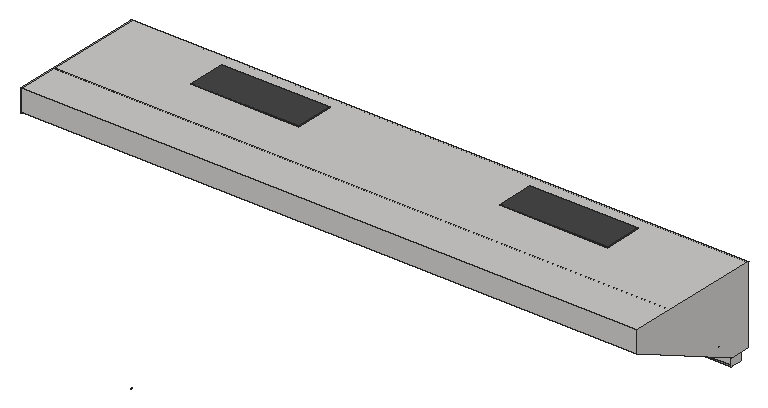
Revit family "QF_ELECTROLUXPROFESSIONAL_642292_MP940BT", category Specialty Equipment, Revit 2014
Reference planes
  plane 1: z = 0
  plane 2 "Center (Left/Right)": x = 150
  plane 3 "LEFT": x = -1850
  plane 4 "RIGHT": x = 2150
  plane 5 "BACK": y = 550
  plane 6 "Plane": z = 2000
  plane 7 "TOP": z = 2140
  plane 8 "Base": z = 1640
  plane 9: z = 1566
  plane 10 "DrainY": y = 485
  plane 11: x = -1847
  plane 12: through (0, 414.509, 1640.8) normal (0, 0.7314, 0.682)
  plane 13: y = 470
  plane 14: y = 220
  plane 15 "DrainX": x = 2030
  plane 16: x = -500
  plane 17: x = 800
  plane 18: x = -1200
  plane 19: x = 1500
  plane 20: x = 2147
  plane 21: x = 1940
  plane 22: x = 2120
  plane 23: x = -1810
  plane 24: x = -1445
  plane 25: x = -1050
  plane 26: x = 2110
  plane 27: x = 1745
  plane 28: x = 1350
  plane 29: x = -47.5
  plane 30: x = 347.5
  plane 31: y = 100
  plane 32: y = -350
Forms (mm)
  Extrusion 1, solid, material "QF_Finishes_Stainless Steel"
    sketch origin (-1850, 0, 0) x (0, 1, 0) y (0, 0, 1)
      loop
        line (550, 1640) -> (550, 2140) -> (-350, 2140) -> (-350, 1999.112) -> (413.973, 1640) -> (550, 1640)
    from 0 to 3
  Extrusion 2, solid, material "QF_Finishes_Stainless Steel"
    sketch origin (150, 0, 0) x (0, 1, 0) y (0, 0, 1)
      loop
        line (415.255, 1640) -> (550, 1640) -> (550, 2139.19) -> (549.2, 2139.19) -> (549.2, 1640.8) -> (415.876, 1640.8) -> (339.347, 1722.867) -> (349.609, 1732.436) -> (348.927, 1733.167) -> (337.934, 1722.917) -> (415.255, 1640)
      loop
        line (-82.203, 2139.19) -> (-82.203, 2118.6) -> (-31.047, 2118.6) -> (34.354, 2048.466) -> (46.028, 2059.352) -> (45.346, 2060.083) -> (34.403, 2049.879) -> (-30.612, 2119.6) -> (-81.203, 2119.6) -> (-81.203, 2139.19) -> (-82.203, 2139.19)
    from -1997 to 1997
  Extrusion 3, solid, material "QF_Finishes_Stainless Steel"
    sketch origin (2150, 0, 0) x (0, 1, 0) y (0, 0, 1)
      loop
        line (550, 1640) -> (550, 2140) -> (-350, 2140) -> (-350, 1999.112) -> (413.973, 1640) -> (550, 1640)
    from 0 to -3
  Extrusion 4, solid, material "QF_Finishes_Stainless Steel"
    sketch origin (150, 0, 0) x (0, 1, 0) y (0, 0, 1)
      loop
        line (-350, 2140) -> (-350, 2000) -> (-349.2, 2000) -> (-349.2, 2139.19) -> (550, 2139.19) -> (550, 2140) -> (-350, 2140)
    from -2000 to 2000
  Extrusion 5, solid, material "QF_Finishes_Stainless Steel"
    sketch origin (150, 0, 0) x (0, 1, 0) y (0, 0, 1)
      loop
        line (534, 1640) -> (436, 1640) -> (436, 1627) -> (443.5, 1627) -> (443.5, 1576)
        arc (443.5, 1576) -> (446.429, 1568.929) -> (453.5, 1566) r 10
        line (453.5, 1566) -> (516.5, 1566)
        arc (516.5, 1566) -> (523.571, 1568.929) -> (526.5, 1576) r 10
        line (526.5, 1576) -> (526.5, 1627) -> (534, 1627) -> (534, 1640)
    from 1790 to 1970
  Extrusion 6, solid, material "QF_Finishes_Stainless Steel"
    sketch origin (0, 0, 1640) x (0, 1, 0) y (-1, 0, 0)
      loop
        circle (485, -2030) r 20
    from -76 to -74
  Extrusion 7, solid, material "QF_Finished_Chrome"
    sketch origin (150, 0, 0) x (0, 1, 0) y (0, 0, 1)
      loop
        line (337.934, 1722.917) -> (341.591, 1726.327) -> (38.011, 2051.876) -> (34.354, 2048.466) -> (337.934, 1722.917)
    from -1595 to -1960
  Extrusion 8, solid, material "QF_Finished_Chrome"
    sketch origin (150, 0, 0) x (0, 1, 0) y (0, 0, 1)
      loop
        line (337.934, 1722.917) -> (341.591, 1726.327) -> (38.011, 2051.876) -> (34.354, 2048.466) -> (337.934, 1722.917)
    from -197.5 to -1200
  Extrusion 9, solid, material "QF_Finishes_Stainless Steel"
    sketch origin (150, 0, 0) x (0, 1, 0) y (0, 0, 1)
      loop
        line (337.934, 1722.917) -> (341.591, 1726.327) -> (38.011, 2051.876) -> (34.354, 2048.466) -> (337.934, 1722.917)
    from 1997 to 1960
  Extrusion 10, solid, material "QF_Finishes_Stainless Steel"
    sketch origin (150, 0, 0) x (0, 1, 0) y (0, 0, 1)
      loop
        line (341.588, 1726.324) -> (38.009, 2051.874) -> (34.354, 2048.466) -> (337.934, 1722.917) -> (341.588, 1726.324)
    from -1595 to -1200
  Extrusion 11, solid, material "QF_Finished_Chrome"
    sketch origin (150, 0, 0) x (0, 1, 0) y (0, 0, 1)
      loop
        line (341.588, 1726.324) -> (38.009, 2051.874) -> (34.354, 2048.466) -> (337.934, 1722.917) -> (341.588, 1726.324)
    from 1595 to 1960
  Extrusion 12, solid, material "QF_Finishes_Black"
    sketch origin (0, 0, 2140) x (0, 1, 0) y (-1, 0, 0)
      loop
        line (470, 1200) -> (220, 1200) -> (220, 500) -> (470, 500) -> (470, 1200)
    from 5 to 0
  Extrusion 13, solid, material "QF_Finishes_Black"
    sketch origin (940, 0, 2140) x (0, 1, 0) y (-1, 0, 0)
      loop
        line (470, 140) -> (220, 140) -> (220, -560) -> (470, -560) -> (470, 140)
    from 5 to 0
  Extrusion 14, solid, material "QF_Finishes_Stainless Steel"
    sketch origin (0, 0, 0) x (1, 0, 0) y (0, 1, 0)
      loop
        line (-1850, 550) -> (-1850, 549) -> (-1849, 549) -> (-1849, 550) -> (-1850, 550)
    from 0 to 1
  Extrusion 15, solid, material "QF_Finishes_Stainless Steel"
    sketch origin (150, 0, 0) x (0, 1, 0) y (0, 0, 1)
      loop
        line (337.934, 1722.917) -> (341.591, 1726.327) -> (38.011, 2051.876) -> (34.354, 2048.466) -> (337.934, 1722.917)
    from -1960 to -1997
  Extrusion 16, solid, material "QF_Finishes_Stainless Steel"
    sketch origin (150, 0, 0) x (0, 1, 0) y (0, 0, -1)
      loop
        line (341.588, -1726.324) -> (337.934, -1722.917) -> (34.354, -2048.466) -> (38.009, -2051.874) -> (341.588, -1726.324)
    from -1595 to -1200
  Extrusion 17, solid, material "QF_Finished_Chrome"
    sketch origin (150, 0, 0) x (0, 1, 0) y (0, 0, 1)
      loop
        line (337.934, 1722.917) -> (341.591, 1726.327) -> (38.011, 2051.876) -> (34.354, 2048.466) -> (337.934, 1722.917)
    from 1200 to 197.5
  Extrusion 18, solid, material "QF_Finishes_Stainless Steel"
    sketch origin (150, 0, 0) x (0, 1, 0) y (0, 0, -1)
      loop
        line (341.588, -1726.324) -> (337.934, -1722.917) -> (34.354, -2048.466) -> (38.009, -2051.874) -> (341.588, -1726.324)
    from -197.5 to 197.5
Cuts and joins
  joined: Extrusion 2, Extrusion 4
Lines and regions (mm)
  reference lines
    curve 1: line (150, 34.354, 2048.466) -> (150, 34.354, 1888.466)
  symbolic lines, style "SpecialityEquipment", detail levels coarse
    curve 2: line (2150, 550, 2140) -> (-1850, 550, 2140)
    curve 3: line (-1850, 550, 2140) -> (-1850, -350, 2140)
    curve 4: line (2150, -350, 2140) -> (2150, 550, 2140)
    curve 5: line (-1850, -350, 2140) -> (2150, -350, 2140)
    curve 6: line (-1200, 220, 2140) -> (-500, 220, 2140)
    curve 7: line (-1200, 470, 2140) -> (-1200, 220, 2140)
    curve 8: line (-500, 470, 2140) -> (-1200, 470, 2140)
    curve 9: line (-500, 220, 2140) -> (-500, 470, 2140)
    curve 10: line (800, 470, 2140) -> (800, 220, 2140)
    curve 11: line (800, 220, 2140) -> (1500, 220, 2140)
    curve 12: line (1500, 470, 2140) -> (800, 470, 2140)
    curve 13: line (1500, 220, 2140) -> (1500, 470, 2140)
  symbolic lines, detail levels coarse
    curve 14: line (-1850, -350, 0) -> (2150, 550, 0)
    curve 15: line (-1850, 550, 0) -> (2150, -350, 0)
Dimensions and locks
  plane 3 "LEFT" to plane 4 "RIGHT" = 4000 mm
  equal spacing: plane 3 "LEFT", plane 2 "Center (Left/Right)", plane 4 "RIGHT"
  locked: plane 6 "Plane" to level at 2000
  plane 7 "TOP" to plane 6 "Plane" = 140 mm
  locked: plane 7 "TOP" to plane 8 "Base" at 500
  plane 8 "Base" to plane 9 = 74 mm
  plane 5 "BACK" to plane 10 "DrainY" = 65 mm  (x2)
  plane 3 "LEFT" to plane 11 = 3 mm
  plane 5 "BACK" to plane 13 = 80 mm
  plane 13 to plane 14 = 250 mm  (x2)
  plane 15 "DrainX" to plane 4 "RIGHT" = 120 mm
  locked: plane 16 to plane 17 at 1300
  equal spacing: plane 16, plane 2 "Center (Left/Right)", plane 17
  plane 18 to plane 16 = 700 mm
  plane 17 to plane 19 = 700 mm
  plane 20 to plane 4 "RIGHT" = 3 mm
  locked: plane 21 to plane 15 "DrainX" at 90
  locked: plane 15 "DrainX" to plane 22 at 90
  plane 13 to plane 5 "BACK" = 80 mm
  locked: plane 3 "LEFT" to plane 23 at 40
  locked: plane 23 to plane 24 at 365
  locked: plane 24 to plane 25 at 395
  locked: plane 26 to plane 27 at 365
  locked: plane 27 to plane 28 at 395
  locked: plane 26 to plane 4 "RIGHT" at 40
  locked: plane 29 to plane 30 at 395
  equal spacing: plane 29, plane 2 "Center (Left/Right)", plane 30
  plane 25 to plane 29 = 1002.5 mm
  plane 30 to plane 28 = 1002.5 mm
  plane 5 "BACK" to plane 32 = 900 mm  (x2)
  equal spacing: plane 5 "BACK", plane 31, plane 32
  aligned and locked: level to plane 1
  aligned and locked: Extrusion 2 to Extrusion 1
  aligned and locked: Extrusion 2 to Extrusion 3
  aligned and locked: plane 4 "RIGHT" to Extrusion 4
  aligned and locked: Extrusion 4 to plane 3 "LEFT"
  aligned and locked: plane 20 to Extrusion 9
  aligned and locked: plane 18 to Extrusion 12
  aligned and locked: Extrusion 12 to plane 16
  aligned and locked: Extrusion 12 to plane 14
  aligned and locked: Extrusion 12 to plane 13
  aligned and locked: Extrusion 13 to plane 19
  aligned and locked: plane 17 to Extrusion 13
  aligned and locked: Extrusion 2 to Extrusion 4
  aligned and locked: plane 22 to Extrusion 5
  aligned and locked: Extrusion 5 to plane 21
  aligned and locked: Extrusion 9 to plane 26
  aligned and locked: Extrusion 11 to plane 26
  aligned and locked: Extrusion 11 to plane 27
  aligned and locked: Extrusion 8 to plane 25
  aligned and locked: plane 25 to Extrusion 10
  aligned and locked: Extrusion 10 to plane 24
  aligned and locked: plane 24 to Extrusion 7
  aligned and locked: Extrusion 7 to plane 23
  aligned and locked: Extrusion 15 to plane 11
  aligned and locked: plane 23 to Extrusion 15
  aligned and locked: Extrusion 16 to plane 28
  aligned and locked: Extrusion 16 to plane 27
  aligned and locked: Extrusion 3 to plane 20
  aligned and locked: plane 29 to Extrusion 8
  aligned and locked: Extrusion 17 to plane 28
  aligned and locked: Extrusion 17 to plane 30
  aligned and locked: plane 30 to Extrusion 18
  aligned and locked: Extrusion 18 to plane 29
Automatic sketch dimensions
  curve 5 to plane 3 "LEFT" = 0 mm
  curve 9 to plane 14 = 0 mm
  curve 10 to plane 14 = 0 mm
  plane 13 to curve 8 = 0 mm
  plane 13 to curve 12 = 0 mm
  curve 3 to plane 5 "BACK" = 0 mm
  curve 5 to plane 4 "RIGHT" = 0 mm
  curve 11 to plane 19 = 0 mm
  curve 10 to plane 17 = 0 mm
  curve 6 to plane 16 = 0 mm
  curve 6 to plane 18 = 0 mm
  Extrusion 2 sketch curve to plane 12 = 0 mm  (x3)
  Extrusion 2 sketch curve to plane 8 "Base" = 0 mm
  plane 12 to Extrusion 2 sketch curve = 0 mm
  Extrusion 2 sketch curve to plane 5 "BACK" = 0 mm
  Extrusion 2 sketch curve to Extrusion 2 sketch curve = 65.646 mm
  Extrusion 2 sketch curve to Extrusion 2 sketch curve = 0.682 mm  (x2)
  Extrusion 2 sketch curve to Extrusion 2 sketch curve = 10.261 mm
  plane 8 "Base" to Extrusion 2 sketch curve = 82.917 mm
  Extrusion 2 sketch curve to Extrusion 2 sketch curve = 10.942 mm
  Extrusion 2 sketch curve to Extrusion 2 sketch curve = 0.049 mm
  Extrusion 2 sketch curve to plane 7 "TOP" = 20.4 mm
  Extrusion 2 sketch curve to plane 7 "TOP" = 21.4 mm
  Extrusion 2 sketch curve to plane 7 "TOP" = 0.81 mm  (x2)
  Extrusion 2 sketch curve to Extrusion 2 sketch curve = 50.156 mm
  Extrusion 2 sketch curve to Extrusion 2 sketch curve = 1 mm
  plane 8 "Base" to Extrusion 2 sketch curve = 0.8 mm
  Extrusion 2 sketch curve to plane 5 "BACK" = 0.8 mm
  Extrusion 3 sketch curve to plane 8 "Base" = 0 mm
  Extrusion 3 sketch curve to plane 5 "BACK" = 0 mm
  Extrusion 3 sketch curve to plane 7 "TOP" = 0 mm
  plane 13 to Extrusion 3 sketch curve = 56.027 mm
  Extrusion 4 sketch curve to plane 6 "Plane" = 0 mm
  Extrusion 4 sketch curve to plane 5 "BACK" = 0 mm
  Extrusion 4 sketch curve to plane 7 "TOP" = 0 mm
  Extrusion 4 sketch curve to plane 7 "TOP" = 0.81 mm
  curve 1 to plane 12 = 0 mm
  curve 1 to plane 6 "Plane" = 111.534 mm
  Extrusion 5 sketch curve to plane 8 "Base" = 0 mm
  Extrusion 5 sketch curve to plane 9 = 0 mm
  Extrusion 5 sketch curve to plane 8 "Base" = 13 mm  (x2)
  plane 13 to Extrusion 5 sketch curve = 34 mm
  Extrusion 5 sketch curve to Extrusion 5 sketch curve = 7.5 mm  (x2)
  Extrusion 5 sketch curve to Extrusion 5 sketch curve = 10 mm
  plane 10 "DrainY" to Extrusion 5 sketch curve = 31.5 mm
  Extrusion 5 sketch curve to plane 5 "BACK" = 23.5 mm
  Extrusion 6 sketch curve to plane 10 "DrainY" = 0 mm
  Extrusion 6 sketch curve to plane 15 "DrainX" = 0 mm
  Extrusion 7 sketch curve to plane 12 = 0 mm  (x2)
  Extrusion 7 sketch curve to Extrusion 7 sketch curve = 3.657 mm
  plane 8 "Base" to Extrusion 7 sketch curve = 82.917 mm
  Extrusion 8 sketch curve to plane 12 = 0 mm  (x2)
  Extrusion 8 sketch curve to Extrusion 8 sketch curve = 3.657 mm
  plane 8 "Base" to Extrusion 8 sketch curve = 82.917 mm
  Extrusion 9 sketch curve to plane 12 = 0 mm  (x2)
  Extrusion 9 sketch curve to Extrusion 9 sketch curve = 3.657 mm
  plane 8 "Base" to Extrusion 9 sketch curve = 82.917 mm
  Extrusion 10 sketch curve to plane 12 = 0 mm  (x2)
  Extrusion 10 sketch curve to Extrusion 10 sketch curve = 3.655 mm
  plane 8 "Base" to Extrusion 10 sketch curve = 82.917 mm
  Extrusion 11 sketch curve to plane 12 = 0 mm  (x2)
  Extrusion 11 sketch curve to Extrusion 11 sketch curve = 3.655 mm
  plane 8 "Base" to Extrusion 11 sketch curve = 82.917 mm
  Extrusion 12 sketch curve to plane 14 = 0 mm
  plane 13 to Extrusion 12 sketch curve = 0 mm
  Extrusion 12 sketch curve to plane 16 = 0 mm
  Extrusion 12 sketch curve to plane 18 = 0 mm
  Extrusion 13 sketch curve to plane 14 = 0 mm
  plane 13 to Extrusion 13 sketch curve = 0 mm
  Extrusion 13 sketch curve to plane 19 = 0 mm
  Extrusion 13 sketch curve to plane 17 = 0 mm
  Extrusion 14 sketch curve to plane 3 "LEFT" = 0 mm
  Extrusion 14 sketch curve to plane 5 "BACK" = 0 mm
  plane 3 "LEFT" to Extrusion 14 sketch curve = 1 mm
  Extrusion 14 sketch curve to Extrusion 14 sketch curve = 1 mm
  Extrusion 15 sketch curve to plane 12 = 0 mm  (x2)
  Extrusion 15 sketch curve to Extrusion 15 sketch curve = 3.657 mm
  plane 8 "Base" to Extrusion 15 sketch curve = 82.917 mm
  Extrusion 16 sketch curve to plane 12 = 0 mm  (x2)
  Extrusion 16 sketch curve to Extrusion 16 sketch curve = 3.655 mm
  plane 8 "Base" to Extrusion 16 sketch curve = 82.917 mm
  Extrusion 17 sketch curve to plane 12 = 0 mm  (x2)
  Extrusion 17 sketch curve to Extrusion 17 sketch curve = 3.657 mm
  plane 8 "Base" to Extrusion 17 sketch curve = 82.917 mm
  Extrusion 18 sketch curve to plane 12 = 0 mm  (x2)
  Extrusion 18 sketch curve to Extrusion 18 sketch curve = 3.655 mm
  plane 8 "Base" to Extrusion 18 sketch curve = 82.917 mm
  Extrusion 4 sketch curve to Extrusion 4 sketch curve = 0.8 mm
  curve 5 to plane 14 = 570 mm
  plane 6 "Plane" to Extrusion 2 sketch curve = 48.466 mm
  Extrusion 4 sketch curve to plane 14 = 569.2 mm
  curve 1 to plane 14 = 185.646 mm
  plane 6 "Plane" to Extrusion 7 sketch curve = 51.876 mm
  plane 6 "Plane" to Extrusion 8 sketch curve = 51.876 mm
  plane 6 "Plane" to Extrusion 9 sketch curve = 51.876 mm
  plane 6 "Plane" to Extrusion 10 sketch curve = 51.874 mm
  plane 6 "Plane" to Extrusion 11 sketch curve = 51.874 mm
  plane 6 "Plane" to Extrusion 15 sketch curve = 51.876 mm
  plane 6 "Plane" to Extrusion 16 sketch curve = 51.874 mm
  plane 6 "Plane" to Extrusion 17 sketch curve = 51.876 mm
  plane 6 "Plane" to Extrusion 18 sketch curve = 51.874 mm
  Extrusion 1 sketch curve to plane 32 = 0 mm
  Extrusion 1 sketch curve to plane 8 "Base" = 0 mm
  Extrusion 1 sketch curve to plane 5 "BACK" = 0 mm
  Extrusion 1 sketch curve to plane 7 "TOP" = 0 mm
  plane 13 to Extrusion 1 sketch curve = 56.027 mm
  Extrusion 1 sketch curve to plane 6 "Plane" = 0.888 mm
  Extrusion 3 sketch curve to plane 32 = 0 mm
  Extrusion 3 sketch curve to plane 6 "Plane" = 0.888 mm
  curve 15 to plane 3 "LEFT" = 0 mm
  curve 14 to plane 3 "LEFT" = 0 mm
  curve 15 to plane 4 "RIGHT" = 0 mm
  curve 14 to plane 4 "RIGHT" = 0 mm
  curve 15 to plane 32 = 0 mm
  curve 14 to plane 32 = 0 mm
  curve 15 to plane 5 "BACK" = 0 mm
  curve 14 to plane 5 "BACK" = 0 mm
  radius of Extrusion 6 sketch curve = 20 mm
Connectors
  piping at (2030, 485, 1564), diameter 20
    settings: on Extrusion 6, index 1, connector inside diameter 609.6 mm, connector length 0 mm, flow factor 0, pipe flow 0.0 L/s, pressure drop 0.0 Pa, fitting loss kfactor 0, connector angle 0.00°, fixture units 0, engagement length 0 mm, angle of deflection 0.00°, flow configuration 1, flow direction 2, fitting loss method 0, system type 16, joint type 0, gender type 0, connector reference index -1, connector utility 0, adjustable connector no, is connector primary yes, connector description "Drain"
  hvac at (-850, 345, 2145)
    settings: on Extrusion 12, index 2, duct flow 0.0 L/s, flow factor 0, pres drop 0.0 Pa, loss coef 0, conn angle 0.00°, conn width 250 mm, conn height 700 mm, conn diameter 609.6 mm, duct sys type 3, conn prof type 1, flow config 1, flow direction 0, loss method 0, conn ref index -1, conn util no, is conn primary yes, conn desc "EXHAUST OUTLET"
  hvac at (1150, 345, 2145)
    settings: on Extrusion 13, index 3, duct flow 0.0 L/s, flow factor 0, pres drop 0.0 Pa, loss coef 0, conn angle 0.00°, conn width 250 mm, conn height 700 mm, conn diameter 609.6 mm, duct sys type 3, conn prof type 1, flow config 1, flow direction 0, loss method 0, conn ref index -1, conn util no, is conn primary no, conn desc "EXHAUST OUTLET"
